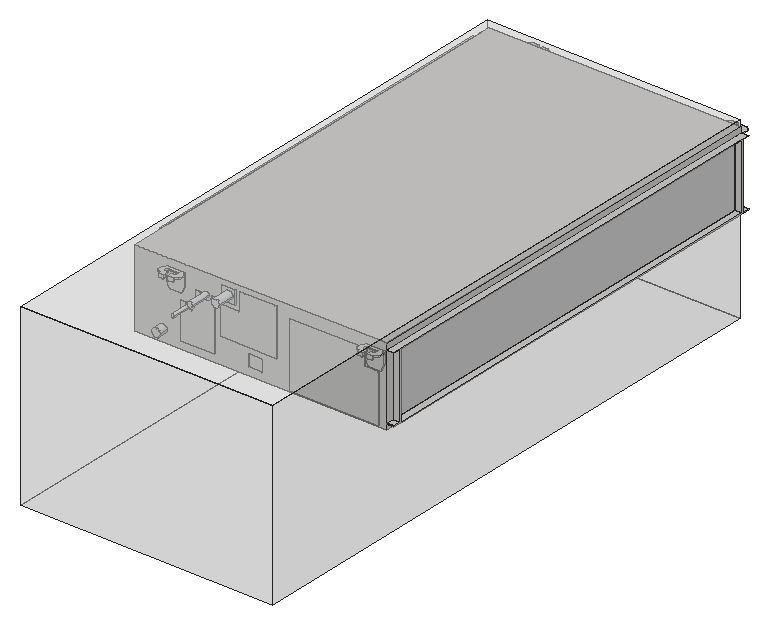
Revit family "outputfile", category 機械設備, Revit 2024
Family settings
  丸型コネクタ寸法 = 半径を使用
  パーツ タイプ = 標準
  OmniClass 番号 = 23.75.10.24.21.27.27
  OmniClass タイトル = Split System Air Conditioning Units
  作業面ベース = いいえ
  常に垂直 = はい
  ロード時にボイドで切り取り = いいえ
  注釈の向きを維持 = いいえ
  共有 = いいえ
  部屋計算ポイント = はい
Parameters (values of type "FXSQ100PAVE")
  Description = ""
  製造元 = "Daikin"
  書き出し IFC クラス(タイプ) = "IfcUnitaryEquipmentType"
  定義済み IFC タイプ(タイプ) = "AIRCONDITIONINGUNIT"
  Cost = 0
  モデル = "FXSQ100PAVE"
  Type Comments = ""
  Keynote = ""
  Type Image = (empty or 0)
  Assembly Code = ""
  r_Liquid Pipe Size = Liquid Pipe Size / 2  # 4.75 mm
  r_Gas Pipe Size = Gas Pipe Size / 2  # 7.95 mm
  r_Drain Pipe Size = Drain Pipe Size / 2  # 12.5 mm
  lw_power = 770.0 mm  # constant formula
  lh_SA = 138.0 mm  # constant formula
  lw_SA = if(Depth = 550.0 mm, 225.0 mm, if(Depth = 700.0 mm, 300.0 mm, if(Depth = 1000.0 mm, 450.0 mm, if(Depth = 1400.0 mm, 650.0 mm, 725.0 mm))))  # 650.0 mm
  lw_RA = if(Depth = 550.0 mm, 275.0 mm, if(Depth = 700.0 mm, 349.0 mm, if(Depth = 1000.0 mm, 499.0 mm, if(Depth = 1400.0 mm, 699.0 mm, 775.0 mm))))  # 699.0 mm
  lh_power = 60.0 mm + [h***]  # 60.0 mm
  lh_mountinghole1 = lh_mountinghole + [h***]  # 222.0 mm
  lh_RA = 123.0 mm  # constant formula
  ld_power = Depth / 2  # 700.0 mm
  Voltage_comment_60Hz = "220"
  Voltage_comment_50Hz = "220-240"
  Voltage_60Hz = 220 V
  Voltage_50Hz = 220 V
  URL = ""
  Supply Air Direction [instance] = yes
  Sound Power Level_H speed (dB) = 67
  Phase_60Hz = 1
  Phase_50Hz = 1
  Minimum External Static Pressure = 50.00 Pa
  Minimum Circuit Amps_60Hz = 2.5 A
  Minimum Circuit Amps_50Hz = 2.5 A
  Maximum Fuse Amps_60Hz = 16.0 A
  Maximum Fuse Amps_50Hz = 16.0 A
  Maximum External Static Pressure = 150.00 Pa
  Material_Casing = DAIKIN_GalvanizedSteel_Casing_indoorunit
  lw_mountinghole = 630.0 mm  # constant formula
  lh_gaspipe = 183.0 mm + [h***]  # 183.0 mm
  lh_mountinghole = 222.0 mm  # constant formula
  lh_liquidpipe = 136.0 mm + [h***]  # 136.0 mm
  lh_drainpipe = 207.0 mm + [h***]  # 207.0 mm
  lh_antena = Height - lh_mountinghole + 1.0 mm  # 24.0 mm
  ld_drainpipe = Depth / 2 + 53.0 mm  # 753.0 mm
  ld_liquidpipe = Depth / 2 + 69.0 mm  # 769.0 mm
  ld_gaspipe = Depth / 2 + 65.0 mm  # 765.0 mm
  ld_mountinghole = Depth + 38.0 mm  # 1438.0 mm
  h*** = 0.0 mm  # constant formula
  lw_liquidpipe = 179.0 mm  # constant formula
  lw_gaspipe = 229.0 mm  # constant formula
  lw_drainpipe = 300.0 mm  # constant formula
  Width = 800.0 mm
  Version = "ver.1.0"
  Unit Type = "Middle Static Pressure Duct Type"
  Unit Mass Weight = 46.00 kg
  Unit Designation [instance] = ""
  Uniclass2015Version = "Products v1.30"
  Uniclass2015Title = "Variable refrigerant flow units"
  Uniclass2015Code = "Pr_70_65_03_94"
  Total Heating Capacity [instance] = 0.000 kW
  Total Cooling Capacity [instance] = 0.000 kW
  Sound Pressure Level_M speed (dBA) = 0
  Sound Pressure Level_L speed (dBA) = 32
  Sound Pressure Level_H speed (dBA) = 39
  Series = "VRV Fan Coil Unit"
  Sensible Cooling Capacity [instance] = 0.000 kW
  SA Duct Size Width = if(Depth = 550.0 mm, 337.0 mm, if(Depth = 700.0 mm, 492.0 mm, if(Depth = 1000.0 mm, 792.0 mm, if(Depth = 1400.0 mm, 1192.0 mm, 1337.0 mm))))  # 1192.0 mm
  SA Duct Size Height = 176.0 mm
  Refrigerant Type = "R410A"
  RA Duct Size Width = if(Depth = 550.0 mm, 502.0 mm, if(Depth = 700.0 mm, 654.0 mm, if(Depth = 1000.0 mm, 952.0 mm, if(Depth = 1400.0 mm, 1352.0 mm, 1502.0 mm))))  # 1352.0 mm
  RA Duct Size Height = 208.0 mm
  Power Input (Heating) = 0.326 kW
  Power Input (Cooling) = 0.331 kW
  Option Accessory 3 [instance] = ""
  Option Accessory 2 [instance] = ""
  Option Accessory 1 [instance] = ""
  Nominal Heating Capacity = 12.500 kW
  Nominal Cooling Capacity = 11.200 kW
  Minimum Airflow = 1350.00 m³/h
  Median Airflow = 1620.00 m³/h
  Maximum Airflow = 1920.00 m³/h
  Load Classification = HVAC
  Liquid Pipe Size = 9.5 mm
  Link_Nested Family [instance] = ""
  IfcVersion = "0"
  IfcExportType = "AIRCONDITIONINGUNIT"
  IfcExportAs = "IfcUnitaryEquipmentType"
  Height = 245.0 mm
  Heating Entering Wet Bulb Temperature [instance] = 0.00 °C
  Heating Entering Dry Bulb Temperature [instance] = 0.00 °C
  Heating Ambient Wet Bulb Temperature [instance] = 0.00 °C
  Heating Ambient Dry Bulb Temperature [instance] = 0.00 °C
  Heat Exchanger Type = "Cross Fin Coil"
  Gas Pipe Size = 15.9 mm
  Frequency_60Hz = 60 Hz
  Frequency_50Hz = 50 Hz
  Fan Type = "Sirocco Fan"
  Fan Drive = "Direct Drive"
  FCU Tag No. [instance] = ""
  Drain Pipe Size = 25.0 mm
  Design Supply Airflow [instance] = 0.00 m³/h
  Design Return Airflow [instance] = 0.00 m³/h
  Design External Static Pressure [instance] = 0.00 Pa
  Depth = 1400.0 mm
  既定の高さ = 0.0 mm
  Cooling Entering Wet Bulb Temperature [instance] = 0.00 °C
  Cooling Entering Dry Bulb Temperature [instance] = 0.00 °C
  Cooling Ambient Wet Bulb Temperature [instance] = 0.00 °C
  Cooling Ambient Dry Bulb Temperature [instance] = 0.00 °C
  Clearance visibility [instance] = yes
  Clearance Top = 20.0 mm
  Clearance Right = 0.0 mm
  Clearance Rear = 0.0 mm
  Clearance Left = 0.0 mm
  Clearance Front = 450.0 mm
  Clearance Bottom = 300.0 mm
Reference planes
  plane 1 "Center (Front/Back)": y = 0
  plane 2 "h": z = 0
  plane 3 "Center (Left/Right)": x = 0
  plane 4 "Back": y = 700
  plane 5 "Front": y = -700
  plane 6 "Left": x = -400
  plane 7 "Reight": x = 400
  plane 8 "Top": z = 0
  plane 9 "Bottom": z = -245
  plane 10: y = -215
  plane 11: y = 700
  plane 12: y = -1150
  plane 13: x = -400
  plane 14: x = 400
  plane 15: z = 20
  plane 16: z = -545
  plane 17: x = -400
  plane 18: x = -399
  plane 19: x = 399
  plane 20: y = 50
  plane 21: y = -1
  plane 22: z = -122
  plane 23: y = -701
  plane 24: z = -109
  plane 25: x = -221
  plane 26: y = -765
  plane 27: z = -62
  plane 28: x = -171
  plane 29: y = -753
  plane 30: z = -38
  plane 31: x = -100
  plane 32: x = -100
  plane 33: x = -221
  plane 34: x = -171
  plane 35: x = 370
  plane 36: x = -266
  plane 37: x = 364
  plane 38: y = -719
  plane 39: y = 719
  plane 40: z = -23
  plane 41: z = -107
  plane 42: y = -770
  plane 43: z = -207
  plane 44: x = -309
  plane 45: y = -726
  plane 46: x = -251
  plane 47: x = -203
  plane 48: x = -144
  plane 49: z = -59
  plane 50: z = -106
  plane 51: z = -221
  plane 52: z = -109
  plane 53: x = -221
  plane 54: z = -62
  plane 55: x = -171
  plane 56: z = -17
  plane 57: z = -59
  plane 58: x = -121
  plane 59: x = -79
  plane 60: x = -125
  plane 61: x = -64
  plane 62: x = 53
  plane 63: z = -164
  plane 64: z = -73
  plane 65: z = -16
  plane 66: x = 93.5
  plane 67: x = 374.5
  plane 68: x = 330
  plane 69: z = -88.5
  plane 70: z = -38
  plane 71: z = -242.5
  plane 72: x = -38.5
  plane 73: x = 6.5
  plane 74: z = -181
  plane 75: z = -221
  plane 76: y = -699
  plane 77: x = -424
  plane 78: x = 424
Forms (mm)
  Extrusion 1, solid, material "DAIKIN_GalvanizedSteel_Casing_indoorunit" <- "Material_Casing"
    sketch origin (0, 0, 0) x (1, 0, 0) y (0, 1, 0)
      loop
        line (-399, 700) -> (-399, -700) -> (399, -700) -> (399, 700) -> (-399, 700)
    from -245 to 0
  Extrusion 2, solid, material "DAIKIN_GalvanizedSteel_Casing_indoorunit" <- "Material_Casing"
    sketch origin (0, 0, 0) x (1, 0, 0) y (0, 0, 1)
      loop
        line (-251, -221) -> (-144, -221) -> (-144, -59) -> (-154.47, -59)
        arc (-154.47, -59) -> (-171, -78.8) -> (-187.53, -59) r 16.8
        line (-187.53, -59) -> (-203, -59) -> (-203, -106) -> (-206.916, -106)
        arc (-206.916, -106) -> (-221, -123.4) -> (-235.084, -106) r 14.4
        line (-235.084, -106) -> (-251, -106) -> (-251, -221)
    from 700 to 701
  Extrusion 3, solid, material "DAIKIN_GalvanizedSteel_Casing_indoorunit" <- "Material_Casing"
    sketch origin (0, 0, 0) x (1, 0, 0) y (0, 0, 1)
      loop
        line (-121, -17) -> (-121, -59) -> (-79, -59) -> (-79, -17) -> (-121, -17)
      loop
        line (-125, -73) -> (-125, -164) -> (53, -164) -> (53, -16) -> (-64, -16) -> (-64, -73) -> (-125, -73)
    from 700 to 701
  Extrusion 4, solid, material "DAIKIN_GalvanizedSteel_Casing_indoorunit" <- "Material_Casing"
    sketch origin (0, 0, 0) x (1, 0, 0) y (0, 0, 1)
      loop
        line (93.5, -38) -> (93.5, -242.5) -> (374.5, -242.5) -> (374.5, -88.5) -> (330, -88.5) -> (330, -38) -> (93.5, -38)
    from 700 to 701
  Extrusion 5, solid
    sketch origin (0, 0, 0) x (1, 0, 0) y (0, 0, 1)
      loop
        circle (-221, -109) r 4.75
    from 700 to 770
  Extrusion 6, solid
    sketch origin (0, 0, 0) x (1, 0, 0) y (0, 0, 1)
      loop
        circle (-171, -62) r 7.95
    from 700 to 765
  Extrusion 7, solid
    sketch origin (0, 0, 0) x (1, 0, 0) y (0, 0, 1)
      loop
        circle (-100, -38) r 12.5
    from 701 to 753
  Extrusion 8, solid, material "DAIKIN_GalvanizedSteel_Casing_indoorunit" <- "Material_Casing"
    sketch origin (0, 0, 0) x (1, 0, 0) y (0, 0, 1)
      loop
        circle (-309, -207) r 13
    from 700 to 726
  Extrusion 9, void
    sketch origin (0, 0, 0) x (1, 0, 0) y (0, 0, 1)
      loop
        line (-38.5, -181) -> (-38.5, -221) -> (6.5, -221) -> (6.5, -181) -> (-38.5, -181)
    from 699 to 700
Cuts and joins
  Extrusion 9 cuts Extrusion 1
Dimensions and locks
  "Height": plane 8 "Top" to plane 9 "Bottom"
  equal spacing: plane 4 "Back", plane 1 "Center (Front/Back)", plane 5 "Front"
  "Depth": plane 4 "Back" to plane 5 "Front"
  equal spacing: plane 6 "Left", plane 3 "Center (Left/Right)", plane 7 "Reight"
  "Width": plane 6 "Left" to plane 7 "Reight"
  "Clearance Left": plane 13 to plane 6 "Left"
  "Clearance Right": plane 7 "Reight" to plane 14
  "Clearance Rear": plane 11 to plane 4 "Back"
  "Clearance Front": plane 5 "Front" to plane 12
  "Clearance Top": plane 15 to plane 8 "Top"
  "Clearance Bottom": plane 9 "Bottom" to plane 16
  locked: plane 17 to plane 18 at 1
  locked: plane 19 to plane 14 at 1
  "lw_SA": plane 11 to plane 20
  "lw_RA": plane 21 to plane 5 "Front"
  "lh_RA": plane 22 to plane 9 "Bottom"
  locked: plane 5 "Front" to plane 23 at 1
  "lw_liquidpipe": plane 25 to plane 6 "Left"
  "lh_liquidpipe": plane 24 to plane 9 "Bottom"
  "lh_gaspipe": plane 27 to plane 9 "Bottom"
  "lw_gaspipe": plane 28 to plane 6 "Left"
  "ld_gaspipe": plane 26 to plane 1 "Center (Front/Back)"
  "ld_drainpipe": plane 29 to plane 1 "Center (Front/Back)"
  "lh_drainpipe": plane 30 to plane 9 "Bottom"
  "lw_drainpipe": plane 31 to plane 6 "Left"
  "lw_drainpipe": plane 6 "Left" to plane 32
  "lw_liquidpipe": plane 6 "Left" to plane 33
  "lw_gaspipe": plane 6 "Left" to plane 34
  "lw_power": plane 6 "Left" to plane 35
  locked: plane 17 to plane 36 at 134
  "lw_mountinghole": plane 36 to plane 37
  equal spacing: plane 38, plane 1 "Center (Front/Back)", plane 39
  "ld_mountinghole": plane 39 to plane 38
  "lh_mountinghole": plane 40 to plane 9 "Bottom"
  "lh_SA": plane 41 to plane 9 "Bottom"
  "ld_liquidpipe": plane 21 to plane 42
  locked: plane 44 to plane 6 "Left" at 91
  locked: plane 43 to plane 9 "Bottom" at 38
  locked: plane 5 "Front" to plane 45 at 26
  plane 48 to plane 47 to plane 46 to plane 6 "Left" = 59.0 mm, 48.0 mm, 149.0 mm
  plane 8 "Top" to plane 49 to plane 50 to plane 51 = 59.0 mm locked, 47.0 mm locked, 115.0 mm locked
  plane 55 to plane 53 to plane 6 "Left" = 50.0 mm locked, 179.0 mm locked
  plane 54 to plane 52 to plane 9 "Bottom" = 47.0 mm locked, 136.0 mm locked
  plane 59 to plane 58 to plane 6 "Left" = 42.0 mm locked, 279.0 mm locked
  plane 8 "Top" to plane 56 to plane 57 = 17.0 mm locked, 42.0 mm locked
  plane 62 to plane 61 to plane 60 to plane 6 "Left" = 117.0 mm, 61.0 mm, 275.0 mm
  plane 8 "Top" to plane 65 to plane 64 = 16.0 mm locked, 57.0 mm locked
  locked: plane 65 to plane 63 at 148
  plane 8 "Top" to plane 70 to plane 69 to plane 71 = 38.0 mm locked, 50.5 mm locked, 154.0 mm locked
  plane 67 to plane 68 to plane 66 to plane 6 "Left" = 44.5 mm locked, 236.5 mm locked, 493.5 mm locked
  plane 8 "Top" to plane 74 to plane 75 = 181.0 mm locked, 40.0 mm locked
  plane 73 to plane 72 to plane 6 "Left" = 45.0 mm, 361.5 mm
  locked: plane 76 to plane 5 "Front" at 1
  locked: plane 77 to plane 17 at 24
  locked: plane 14 to plane 78 at 24
  "r_Liquid Pipe Size": radius of Extrusion 5 sketch curve
  "r_Gas Pipe Size": radius of Extrusion 6 sketch curve
  "r_Drain Pipe Size": radius of Extrusion 7 sketch curve
  aligned and locked: level to plane 2 "h"
  aligned and locked: plane 8 "Top" to Extrusion 1
  aligned and locked: Extrusion 1 to plane 9 "Bottom"
  aligned and locked: nested 5 to plane 12
  aligned and locked: plane 13 to nested 5
  aligned and locked: plane 14 to nested 5
  aligned and locked: nested 5 to plane 13
  aligned and locked: plane 11 to nested 5
  aligned and locked: plane 15 to nested 5
  aligned and locked: plane 16 to nested 5
  aligned and locked: plane 5 "Front" to Extrusion 1 sketch curve
  aligned and locked: Extrusion 1 to plane 18
  aligned and locked: plane 19 to Extrusion 1
  aligned and locked: nested 7 to plane 18
  aligned and locked: nested 7 to plane 20
  aligned and locked: plane 19 to nested 8
  aligned and locked: plane 21 to nested 8
  aligned and locked: plane 22 to nested 8
  aligned and locked: Extrusion 2 to plane 23
  aligned and locked: plane 5 "Front" to Extrusion 2
  aligned and locked: Extrusion 3 to plane 23
  aligned and locked: plane 5 "Front" to Extrusion 3
  aligned and locked: plane 5 "Front" to Extrusion 4
  aligned and locked: Extrusion 5 sketch curve to plane 25
  aligned and locked: plane 24 to Extrusion 5 sketch curve
  aligned and locked: plane 5 "Front" to Extrusion 5
  aligned and locked: Extrusion 6 sketch curve to plane 28
  aligned and locked: plane 27 to Extrusion 6 sketch curve
  aligned and locked: plane 5 "Front" to Extrusion 6
  aligned and locked: Extrusion 7 sketch curve to plane 31
  aligned and locked: Extrusion 7 sketch curve to plane 30
  aligned and locked: Extrusion 7 to plane 29
  aligned and locked: plane 23 to Extrusion 7
  aligned and locked: nested 3 to plane 29
  aligned and locked: nested 3 to plane 32
  aligned and locked: nested 2 to plane 33
  aligned and locked: nested 1 to plane 34
  aligned and locked: Extrusion 6 to plane 26
  aligned and locked: nested 1 to plane 26
  aligned and locked: nested 6 to plane 5 "Front"
  aligned and locked: nested 6 to plane 35
  aligned and locked: plane 36 to nested 10
  aligned and locked: nested 10 to plane 5 "Front"
  aligned and locked: plane 37 to nested 9
  aligned and locked: nested 9 to plane 5 "Front"
  aligned and locked: nested 11 to plane 36
  aligned and locked: plane 4 "Back" to nested 11
  aligned and locked: nested 12 to plane 37
  aligned and locked: plane 4 "Back" to nested 12
  aligned and locked: plane 40 to nested 10
  aligned and locked: plane 40 to nested 11
  aligned and locked: plane 40 to nested 9
  aligned and locked: plane 40 to nested 12
  aligned and locked: plane 36 to nested 14
  aligned and locked: nested 14 to plane 39
  aligned and locked: plane 37 to nested 13
  aligned and locked: nested 13 to plane 39
  aligned and locked: plane 37 to nested 16
  aligned and locked: plane 38 to nested 16
  aligned and locked: plane 38 to nested 15
  aligned and locked: plane 36 to nested 15
  aligned and locked: plane 17 to plane 6 "Left"
  aligned and locked: plane 41 to nested 7
  aligned and locked: Extrusion 5 to plane 42
  aligned and locked: nested 2 to plane 42
  aligned and locked: Extrusion 8 sketch curve to plane 44
  aligned and locked: plane 43 to Extrusion 8 sketch curve
  aligned and locked: plane 5 "Front" to Extrusion 8
  aligned and locked: plane 45 to Extrusion 8
  aligned and locked: Extrusion 3 sketch curve to plane 56
  aligned and locked: Extrusion 3 sketch curve to plane 58
  aligned and locked: plane 57 to Extrusion 3 sketch curve
  aligned and locked: plane 59 to Extrusion 3 sketch curve
  aligned and locked: Extrusion 4 to plane 23
  aligned and locked: Extrusion 9 sketch curve to plane 74
  aligned and locked: plane 75 to Extrusion 9 sketch curve
  aligned and locked: plane 73 to Extrusion 9 sketch curve
  aligned and locked: plane 5 "Front" to Extrusion 9
  aligned and locked: plane 76 to Extrusion 9
  aligned and locked: nested 17 to plane 20
  aligned and locked: nested 17 to plane 77
  aligned and locked: plane 21 to nested 18
  aligned and locked: plane 78 to nested 18
  aligned and locked: plane 41 to nested 17
  aligned and locked: nested 18 to plane 22
  aligned and locked: nested 4 to plane 3 "Center (Left/Right)"
  aligned and locked: plane 1 "Center (Front/Back)" to nested 4
  aligned and locked: level to plane 8 "Top"
Automatic sketch dimensions
  plane 6 "Left" to Extrusion 1 sketch curve = 1.0 mm
  Extrusion 1 sketch curve to plane 7 "Reight" = 1.0 mm
  Extrusion 1 sketch curve to plane 4 "Back" = 0.0 mm
  Extrusion 2 sketch curve to plane 46 = 0.0 mm
  Extrusion 2 sketch curve to plane 33 = 0.0 mm
  Extrusion 2 sketch curve to plane 47 = 0.0 mm
  Extrusion 2 sketch curve to plane 34 = 0.0 mm
  Extrusion 2 sketch curve to plane 48 = 0.0 mm
  Extrusion 2 sketch curve to plane 51 = 0.0 mm
  Extrusion 2 sketch curve to plane 52 = 0.0 mm
  Extrusion 2 sketch curve to plane 50 = 0.0 mm  (x3)
  Extrusion 2 sketch curve to plane 54 = 0.0 mm
  Extrusion 2 sketch curve to plane 49 = 0.0 mm  (x3)
  plane 33 to Extrusion 2 sketch curve = 14.084 mm
  plane 34 to Extrusion 2 sketch curve = 16.53 mm
  Extrusion 3 sketch curve to plane 60 = 0.0 mm
  Extrusion 3 sketch curve to plane 61 = 0.0 mm
  Extrusion 3 sketch curve to plane 62 = 0.0 mm
  Extrusion 3 sketch curve to plane 63 = 0.0 mm
  Extrusion 3 sketch curve to plane 64 = 0.0 mm
  Extrusion 3 sketch curve to plane 65 = 0.0 mm
  Extrusion 4 sketch curve to plane 66 = 0.0 mm
  Extrusion 4 sketch curve to plane 68 = 0.0 mm
  Extrusion 4 sketch curve to plane 67 = 0.0 mm
  Extrusion 4 sketch curve to plane 71 = 0.0 mm
  Extrusion 4 sketch curve to plane 69 = 0.0 mm
  Extrusion 4 sketch curve to plane 70 = 0.0 mm
  Extrusion 9 sketch curve to plane 72 = 0.0 mm
  radius of Extrusion 8 sketch curve = 13.0 mm
Nested families
  nested 1: "daikin_connector_rotate2" at (-171, 0, -62), length <- "ld_gaspipe", built-in parameter 1001364 <- "lh_gaspipe", radius <- "r_Gas Pipe Size", type "daikin_connector_rotate2"
    with radius 7.95 mm, length 765.0 mm, angle_vertical 90.00°
  nested 2: "daikin_connector_rotate2" at (-221, -1, -109), length <- "ld_liquidpipe", built-in parameter 1001364 <- "lh_liquidpipe", radius <- "r_Liquid Pipe Size", type "daikin_connector_rotate2"
    with radius 4.75 mm, length 769.0 mm, angle_vertical 90.00°
  nested 3: "daikin_connector_rotate2" at (-100, 0, -38), length <- "ld_drainpipe", built-in parameter 1001364 <- "lh_drainpipe", radius <- "r_Drain Pipe Size", type "daikin_connector_rotate2"
    with radius 12.5 mm, length 753.0 mm, angle_vertical 90.00°
  nested 4: "daikin_△_symbolicline" at (0, 0, 245) x (0, -1, 0) z (0, 0, 1), built-in parameter 1001364 <- "Height", visible <- "Supply Air Direction", type "daikin_△_symbolicline"
    with length 200.0 mm
  nested 5: "daikin_clearancespace" at (0, -225, -262.381), visible <- "Clearance visibility", show <- "Clearance visibility", Link_Nested Family <- "Link_Nested Family", type "daikin_clearancespace"
    with width 800.0 mm, show yes, height 565.0 mm, depth 1850.0 mm, Link_Nested Family ""
  nested 6: "daikin_connector_rotate2" at (370, 0, -185), built-in parameter 1001364 <- "lh_power", length <- "ld_power", type "daikin_connector_rotate2"
    with radius 10.0 mm, length 700.0 mm, angle_vertical 90.00°
  nested 7: "daikin_ductflange_FXSQ-PAVE2" at (-399, 50, -107) x (0, -1, 0) z (0, 0, 1), type "daikin_ductflange_FXSQ-PAVE2"
    with width 1192.0 mm, w 1400.0 mm
  nested 8: "daikin_ductflange_FXSQ-PAVE" at (399, -1, -122) x (0, 1, 0) z (0, 0, 1), type "daikin_ductflange_FXSQ-PAVE"
    with width 1352.0 mm, w 1400.0 mm
  nested 9: "daikin_hangerfixture_FXSQ-PAVE" at (364, -700, -23), type "daikin_hangerfixture_FXSQ-PAVE"
  nested 10: "daikin_hangerfixture_FXSQ-PAVE" at (-266, -700, -23), type "daikin_hangerfixture_FXSQ-PAVE"
  nested 11: "daikin_hangerfixture_FXSQ-PAVE" at (-266, 700, -23) x (-1, 0, 0) z (0, 0, 1), type "daikin_hangerfixture_FXSQ-PAVE"
  nested 12: "daikin_hangerfixture_FXSQ-PAVE" at (364, 700, -23) x (-1, 0, 0) z (0, 0, 1), type "daikin_hangerfixture_FXSQ-PAVE"
  nested 13: "daikin_mountinghole" at (364, 719, -245), h_mountinghole <- "lh_mountinghole1", l_antenna <- "lh_antena", Link_Nested Family <- "Link_Nested Family", type "daikin_mountinghole"
    with show yes, l_antenna 24.0 mm, h_mountinghole 222.0 mm, Link_Nested Family ""
  nested 14: "daikin_mountinghole" at (-266, 719, -245), h_mountinghole <- "lh_mountinghole1", l_antenna <- "lh_antena", Link_Nested Family <- "Link_Nested Family", type "daikin_mountinghole"
    with show yes, l_antenna 24.0 mm, h_mountinghole 222.0 mm, Link_Nested Family ""
  nested 15: "daikin_mountinghole" at (-266, -719, -245), h_mountinghole <- "lh_mountinghole1", l_antenna <- "lh_antena", Link_Nested Family <- "Link_Nested Family", type "daikin_mountinghole"
    with show yes, l_antenna 24.0 mm, h_mountinghole 222.0 mm, Link_Nested Family ""
  nested 16: "daikin_mountinghole" at (364, -719, -245), h_mountinghole <- "lh_mountinghole1", l_antenna <- "lh_antena", Link_Nested Family <- "Link_Nested Family", type "daikin_mountinghole"
    with show yes, l_antenna 24.0 mm, h_mountinghole 222.0 mm, Link_Nested Family ""
  nested 17: "daikin_connector_rotate2" at (-400, 50, -107) x (0, -1, 0) z (0, 0, 1), type "daikin_connector_rotate2"
    with radius 10.0 mm, length 24.0 mm, angle_vertical 90.00°
  nested 18: "daikin_connector_rotate2" at (400, -1, -122) x (0, 1, 0) z (0, 0, 1), type "daikin_connector_rotate2"
    with radius 10.0 mm, length 24.0 mm, angle_vertical 90.00°
Connectors
  piping at (-100, -753, -38), diameter 25, driven by "r_Drain Pipe Size"
    settings: on nested 3, index 3, connector inside diameter 609.6 mm, connector length 0.0 mm, flow factor 0, pipe flow 0.00 m³/h, pressure drop 0.0 Pa, fitting loss kfactor 0, connector angle 0.00°, fixture units 0, engagement length 0.0 mm, angle of deflection 0.00°, flow configuration 1, flow direction 2, fitting loss method 4, system type 16, joint type 0, gender type 0, connector reference index -1, connector utility 0, adjustable connector no, is connector primary yes, connector description "Condensate Drain Piping"
  piping at (-171, -765, -62), diameter 15.9, driven by "r_Gas Pipe Size"
    settings: on nested 1, index 4, connector inside diameter 609.6 mm, connector length 0.0 mm, flow factor 0, pipe flow 0.00 m³/h, pressure drop 0.0 Pa, fitting loss kfactor 0, connector angle 0.00°, fixture units 0, engagement length 0.0 mm, angle of deflection 0.00°, flow configuration 1, flow direction 2, fitting loss method 0, system type 29, joint type 0, gender type 0, connector reference index -1, connector utility 0, adjustable connector no, is connector primary no, connector description "Refrigerant Gas Piping"
  piping at (-221, -770, -109), diameter 9.5, driven by "r_Liquid Pipe Size"
    settings: on nested 2, index 5, connector inside diameter 609.6 mm, connector length 0.0 mm, flow factor 0, pipe flow 0.00 m³/h, pressure drop 0.0 Pa, fitting loss kfactor 0, connector angle 0.00°, fixture units 0, engagement length 0.0 mm, angle of deflection 0.00°, flow configuration 1, flow direction 1, fitting loss method 0, system type 29, joint type 0, gender type 0, connector reference index -1, connector utility 0, adjustable connector no, is connector primary no, connector description "Refrigerant Liquid Piping"
  electrical at (370, -700, -185), driven by "Load Classification"
    settings: on nested 6, index 6, voltage 0 V, apparent load 0 VA, apparent load phase1 0 VA, apparent load phase2 0 VA, apparent load phase3 0 VA, power factor 1, load classification "HVAC", number of poles 1, system type 30, power factor state 1, is connector primary yes, connector utility no, sub classification motor no, connector description "Power Supply"
  hvac at (-424, 50, -107), driven by "SA Duct Size Height", driven by "SA Duct Size Width"
    settings: on nested 17, index 7, duct flow 0.00 m³/h, flow factor 0, pres drop 0.00 Pa, loss coef 0, conn angle 0.00°, conn width 1192.0 mm, conn height 176.0 mm, conn diameter 609.6 mm, duct sys type 1, conn prof type 1, flow config 0, flow direction 2, loss method 4, conn ref index -1, conn util no, is conn primary yes, conn desc "SA Duct"
  hvac at (424, -1, -122), driven by "RA Duct Size Height", driven by "RA Duct Size Width"
    settings: on nested 18, index 8, duct flow 0.00 m³/h, flow factor 0, pres drop 0.00 Pa, loss coef 0, conn angle 0.00°, conn width 1352.0 mm, conn height 208.0 mm, conn diameter 609.6 mm, duct sys type 2, conn prof type 1, flow config 0, flow direction 1, loss method 4, conn ref index -1, conn util no, is conn primary no, conn desc "RA Duct"
Definition of nested family "daikin_clearancespace"
  Parameters (values of type "daikin_clearancespace")
    width [instance] = 1823.963 mm
    show [instance] = yes
    material = none
    height [instance] = 1359.762 mm
    depth [instance] = 880.0 mm
    Default Elevation = 0.0 mm
    Link_Nested Family [instance] = ""
  Reference planes
    plane 1 "Center (Front/Back)": y = 0
    plane 2 "Center (Elevation)": z = -0.119
    plane 3 "Center (Left/Right)": x = 0
    plane 4: y = 440
    plane 5: y = -440
    plane 6 "Right": x = 911.982
    plane 7 "Left": x = -911.982
    plane 8 "Top": z = 679.762
    plane 9 "Bottom": z = -680
  Forms (mm)
    Extrusion 1, solid, material <- "material", visible <- "show"
      sketch origin (0, 0, 0) x (1, 0, 0) y (0, 1, 0)
        loop
          line (-911.982, 440) -> (-911.982, -440) -> (911.982, -440) -> (911.982, 440) -> (-911.982, 440)
      from -680 to 679.762
  Lines and regions (mm)
    symbolic lines, visible <- "show"
      curve 1: line (911.982, 440, 0) -> (-911.982, 440, 0)
      curve 2: line (-911.982, 440, 0) -> (-911.982, -440, 0)
      curve 3: line (-911.982, -440, 0) -> (911.982, -440, 0)
      curve 4: line (911.982, -440, 0) -> (911.982, 440, 0)
      curve 5: line (911.982, 0, 679.762) -> (-911.982, 0, 679.762)
      curve 6: line (911.982, 0, -680) -> (911.982, 0, 679.762)
      curve 7: line (-911.982, 0, -680) -> (911.982, 0, -680)
      curve 8: line (-911.982, 0, 679.762) -> (-911.982, 0, -680)
      curve 9: line (0, 440, 679.762) -> (0, -440, 679.762)
      curve 10: line (0, -440, 679.762) -> (0, -440, -680)
      curve 11: line (0, 440, -680) -> (0, 440, 679.762)
      curve 12: line (0, -440, -680) -> (0, 440, -680)
  Dimensions and locks
    "width": plane 7 "Left" to plane 6 "Right"
    "depth": plane 4 to plane 5
    "height": plane 8 "Top" to plane 9 "Bottom"
    equal spacing: plane 7 "Left", plane 3 "Center (Left/Right)", plane 6 "Right"
    equal spacing: plane 4, plane 1 "Center (Front/Back)", plane 5
    equal spacing: plane 8 "Top", plane 2 "Center (Elevation)", plane 9 "Bottom"
    aligned and locked: level to plane 2 "Center (Elevation)"
    aligned and locked: Extrusion 1 sketch curve to plane 4
    aligned and locked: plane 7 "Left" to Extrusion 1 sketch curve
    aligned and locked: Extrusion 1 sketch curve to plane 5
    aligned and locked: Extrusion 1 sketch curve to plane 6 "Right"
    aligned and locked: plane 8 "Top" to Extrusion 1
    aligned and locked: curve 1 to Extrusion 1
    aligned and locked: curve 2 to Extrusion 1
    aligned and locked: curve 3 to Extrusion 1
    aligned and locked: curve 4 to Extrusion 1
    aligned and locked: curve 5 to Extrusion 1
    aligned and locked: curve 6 to Extrusion 1
    aligned and locked: curve 7 to Extrusion 1
    aligned and locked: curve 8 to Extrusion 1
    aligned and locked: curve 9 to Extrusion 1
    aligned and locked: curve 10 to Extrusion 1
    aligned and locked: curve 11 to Extrusion 1
    aligned and locked: curve 12 to Extrusion 1
    aligned and locked: Extrusion 1 to plane 9 "Bottom"
Definition of nested family "daikin_ductflange_FXSQ-PAVE2"
  Parameters (values of type "daikin_ductflange_FXMQ-PAVE2")
    width = if(w = 550.0 mm, 337.0 mm, if(w = 700.0 mm, 492.0 mm, if(w = 1000.0 mm, 792.0 mm, if(w = 1400.0 mm, 1192.0 mm, 1337.0 mm))))  # 337.0 mm
    material = none
    height = 215.0 mm
    depth = 1.0 mm
    w = 550.0 mm
    Default Elevation = 0.0 mm
  Reference planes
    plane 1 "Center (Front/Back)": y = 0
    plane 2: z = 0
    plane 3 "Center (Left/Right)": x = 0
    plane 4: z = 88
    plane 5: z = -88
    plane 6: y = -25
    plane 7: z = 106
    plane 8: z = 89
    plane 9: y = -1
    plane 10: x = -192.5
    plane 11: x = 192.5
    plane 12: z = -106
    plane 13: z = -89
    plane 14: y = -1
    plane 15: x = 168.5
    plane 16: x = -168.5
    plane 17: x = 169.5
    plane 18: z = 87
    plane 19: z = -87
    plane 20: x = -169.5
    plane 21: z = 87
    plane 22: z = -87
    plane 23: y = -1
  Forms (mm)
    Extrusion 1, solid, material <- "material"
      sketch origin (0, 0, 0) x (0, 1, 0) y (0, 0, 1)
        loop
          line (-25, 88) -> (0, 88) -> (0, 106) -> (-1, 106) -> (-1, 89) -> (-25, 89) -> (-25, 88)
      from -192.5 to 192.5
    Extrusion 2, solid, material <- "material"
      sketch origin (0, 0, 0) x (0, 1, 0) y (0, 0, 1)
        loop
          line (-25, -88) -> (-25, -89) -> (-1, -89) -> (-1, -106) -> (0, -106) -> (0, -88) -> (-25, -88)
      from -192.5 to 192.5
    Extrusion 3, solid, material <- "material"
      sketch origin (0, 0, 0) x (1, 0, 0) y (0, 0, 1)
        loop
          line (168.5, 88) -> (168.5, -88) -> (192.5, -88) -> (192.5, -87) -> (169.5, -87) -> (169.5, 87) -> (192.5, 87) -> (192.5, 88) -> (168.5, 88)
      from 0 to 25
    Extrusion 4, solid, material <- "material"
      sketch origin (0, 0, 0) x (1, 0, 0) y (0, 0, 1)
        loop
          line (-192.5, 88) -> (-192.5, 87) -> (-169.5, 87) -> (-169.5, -87) -> (-192.5, -87) -> (-192.5, -88) -> (-168.5, -88) -> (-168.5, 88) -> (-192.5, 88)
      from 0 to 25
    Extrusion 5, solid, material <- "material"
      sketch origin (0, 0, 0) x (1, 0, 0) y (0, 0, 1)
        loop
          line (-192.5, 88) -> (-192.5, -88) -> (-168.5, -88) -> (-168.5, 88) -> (-192.5, 88)
        loop
          line (192.5, 88) -> (168.5, 88) -> (168.5, -88) -> (192.5, -88) -> (192.5, 88)
      from 0 to 1
  Cuts and joins
    joined: Extrusion 1, Extrusion 2, Extrusion 3, Extrusion 4, Extrusion 5
  Dimensions and locks
    plane 4 to level to plane 5 = 88.0 mm, 88.0 mm
    locked: plane 6 to plane 1 "Center (Front/Back)" at 25
    locked: plane 9 to plane 1 "Center (Front/Back)" at 1
    locked: plane 8 to plane 4 at 1
    locked: plane 16 to plane 10 at 24
    locked: plane 17 to plane 15 at 1
    locked: plane 4 to plane 18 at 1
    locked: plane 19 to plane 5 at 1
    "width": plane 15 to plane 16
    plane 4 to plane 5 = 176.0 mm
    locked: plane 16 to plane 20 at 1
    locked: plane 4 to plane 21 at 1
    locked: plane 22 to plane 5 at 1
    locked: plane 23 to plane 1 "Center (Front/Back)" at 1
    plane 4 to level to plane 5 = 88.0 mm locked, 88.0 mm locked
    locked: plane 5 to plane 13 at 1
    locked: plane 5 to plane 12 at 18
    locked: plane 7 to plane 4 at 18
    equal spacing: plane 15, plane 3 "Center (Left/Right)", plane 16
    locked: plane 11 to plane 15 at 24
    plane 11 to plane 10 = 385.0 mm
    aligned and locked: level to plane 2
    aligned and locked: Extrusion 1 to plane 10
    aligned and locked: plane 11 to Extrusion 1
    aligned and locked: plane 5 to Extrusion 2
    aligned and locked: Extrusion 2 to plane 1 "Center (Front/Back)"
    aligned and locked: plane 15 to Extrusion 3 sketch curve
    aligned and locked: Extrusion 3 sketch curve to Extrusion 2  (x2)
    aligned and locked: Extrusion 3 sketch curve to plane 11
    aligned and locked: plane 6 to Extrusion 3
    aligned and locked: Extrusion 2 to plane 10
    aligned and locked: plane 11 to Extrusion 2
    aligned and locked: Extrusion 4 sketch curve to Extrusion 1  (x2)
    aligned and locked: plane 5 to Extrusion 4 sketch curve
    aligned and locked: Extrusion 4 sketch curve to plane 16
    aligned and locked: Extrusion 4 sketch curve to plane 22
    aligned and locked: plane 20 to Extrusion 4 sketch curve
    aligned and locked: plane 21 to Extrusion 4 sketch curve
    aligned and locked: Extrusion 4 to plane 1 "Center (Front/Back)"
    aligned and locked: plane 6 to Extrusion 4
    aligned and locked: Extrusion 5 sketch curve to Extrusion 1  (x4)
    aligned and locked: Extrusion 5 sketch curve to Extrusion 4  (x2)
    aligned and locked: Extrusion 5 sketch curve to Extrusion 3  (x2)
    aligned and locked: Extrusion 5 to plane 1 "Center (Front/Back)"
    aligned and locked: plane 23 to Extrusion 5
  Automatic sketch dimensions
    Extrusion 1 sketch curve to plane 6 = 0.0 mm
    Extrusion 1 sketch curve to plane 7 = 0.0 mm
    Extrusion 1 sketch curve to plane 9 = 0.0 mm
    Extrusion 1 sketch curve to plane 1 "Center (Front/Back)" = 0.0 mm
    Extrusion 1 sketch curve to plane 4 = 0.0 mm
    Extrusion 1 sketch curve to plane 8 = 0.0 mm
    Extrusion 2 sketch curve to plane 6 = 0.0 mm
    plane 12 to Extrusion 2 sketch curve = 0.0 mm
    Extrusion 2 sketch curve to plane 14 = 0.0 mm
    Extrusion 2 sketch curve to plane 1 "Center (Front/Back)" = 0.0 mm
    plane 13 to Extrusion 2 sketch curve = 0.0 mm
    Extrusion 2 sketch curve to plane 5 = 0.0 mm
    Extrusion 3 sketch curve to plane 17 = 0.0 mm
    Extrusion 3 sketch curve to plane 19 = 0.0 mm
    Extrusion 3 sketch curve to plane 18 = 0.0 mm
    Extrusion 3 sketch curve to plane 4 = 0.0 mm
    Extrusion 4 sketch curve to plane 10 = 0.0 mm
Definition of nested family "daikin_ductflange_FXSQ-PAVE"
  Parameters (values of type "daikin_ductflange_FXMQ-PAVE")
    width = if(w = 550.0 mm, 502.0 mm, if(w = 700.0 mm, 654.0 mm, if(w = 1000.0 mm, 952.0 mm, if(w = 1400.0 mm, 1352.0 mm, 1502.0 mm))))  # 502.0 mm
    material = none
    height = 208.0 mm
    depth = 1.0 mm
    w = 550.0 mm
    Default Elevation = 0.0 mm
  Reference planes
    plane 1 "Center (Front/Back)": y = 0
    plane 2: z = 0
    plane 3 "Center (Left/Right)": x = 0
    plane 4: z = 104
    plane 5: z = -104
    plane 6: y = -25
    plane 7: z = 121
    plane 8: z = 105
    plane 9: y = -1
    plane 10: x = -275
    plane 11: x = 275
    plane 12: z = -122
    plane 13: z = -105
    plane 14: y = -1
    plane 15: x = 251
    plane 16: x = -251
    plane 17: x = 252
    plane 18: z = 103
    plane 19: z = -103
    plane 20: x = -252
    plane 21: z = 103
    plane 22: z = -103
    plane 23: y = -1
  Forms (mm)
    Extrusion 1, solid, material <- "material"
      sketch origin (0, 0, 0) x (0, 1, 0) y (0, 0, 1)
        loop
          line (-25, 104) -> (0, 104) -> (0, 121) -> (-1, 121) -> (-1, 105) -> (-25, 105) -> (-25, 104)
      from -275 to 275
    Extrusion 2, solid, material <- "material"
      sketch origin (0, 0, 0) x (0, 1, 0) y (0, 0, 1)
        loop
          line (-25, -104) -> (-25, -105) -> (-1, -105) -> (-1, -122) -> (0, -122) -> (0, -104) -> (-25, -104)
      from -275 to 275
    Extrusion 3, solid, material <- "material"
      sketch origin (0, 0, 0) x (1, 0, 0) y (0, 0, 1)
        loop
          line (251, 104) -> (251, -104) -> (275, -104) -> (275, -103) -> (252, -103) -> (252, 103) -> (275, 103) -> (275, 104) -> (251, 104)
      from 0 to 25
    Extrusion 4, solid, material <- "material"
      sketch origin (0, 0, 0) x (1, 0, 0) y (0, 0, 1)
        loop
          line (-275, 104) -> (-275, 103) -> (-252, 103) -> (-252, -103) -> (-275, -103) -> (-275, -104) -> (-251, -104) -> (-251, 104) -> (-275, 104)
      from 0 to 25
    Extrusion 5, solid, material <- "material"
      sketch origin (0, 0, 0) x (1, 0, 0) y (0, 0, 1)
        loop
          line (-275, 104) -> (-275, -104) -> (-251, -104) -> (-251, 104) -> (-275, 104)
        loop
          line (275, 104) -> (251, 104) -> (251, -104) -> (275, -104) -> (275, 104)
      from 0 to 1
  Cuts and joins
    joined: Extrusion 1, Extrusion 2, Extrusion 3, Extrusion 4, Extrusion 5
  Dimensions and locks
    plane 4 to level to plane 5 = 104.0 mm, 104.0 mm
    locked: plane 6 to plane 1 "Center (Front/Back)" at 25
    locked: plane 9 to plane 1 "Center (Front/Back)" at 1
    locked: plane 8 to plane 4 at 1
    locked: plane 11 to plane 15 at 24
    locked: plane 16 to plane 10 at 24
    locked: plane 17 to plane 15 at 1
    locked: plane 4 to plane 18 at 1
    locked: plane 19 to plane 5 at 1
    "width": plane 15 to plane 16
    equal spacing: plane 15, plane 3 "Center (Left/Right)", plane 16
    locked: plane 16 to plane 20 at 1
    locked: plane 4 to plane 21 at 1
    locked: plane 22 to plane 5 at 1
    locked: plane 23 to plane 1 "Center (Front/Back)" at 1
    locked: plane 7 to plane 4 at 17
    locked: plane 1 "Center (Front/Back)" to plane 14 at 1
    locked: plane 5 to plane 13 at 1
    "height": plane 4 to plane 5
    plane 11 to plane 10 = 550.0 mm
    locked: plane 12 to plane 13 at 17
    equal spacing: plane 4, level, plane 5
    aligned and locked: level to plane 2
    aligned and locked: Extrusion 1 to plane 10
    aligned and locked: plane 11 to Extrusion 1
    aligned and locked: plane 5 to Extrusion 2
    aligned and locked: Extrusion 2 to plane 1 "Center (Front/Back)"
    aligned and locked: plane 15 to Extrusion 3 sketch curve
    aligned and locked: Extrusion 3 sketch curve to Extrusion 2  (x2)
    aligned and locked: Extrusion 3 sketch curve to plane 11
    aligned and locked: plane 6 to Extrusion 3
    aligned and locked: Extrusion 2 to plane 10
    aligned and locked: plane 11 to Extrusion 2
    aligned and locked: Extrusion 4 sketch curve to Extrusion 1  (x2)
    aligned and locked: plane 5 to Extrusion 4 sketch curve
    aligned and locked: Extrusion 4 sketch curve to plane 16
    aligned and locked: Extrusion 4 sketch curve to plane 22
    aligned and locked: plane 20 to Extrusion 4 sketch curve
    aligned and locked: plane 21 to Extrusion 4 sketch curve
    aligned and locked: Extrusion 4 to plane 1 "Center (Front/Back)"
    aligned and locked: plane 6 to Extrusion 4
    aligned and locked: Extrusion 5 sketch curve to Extrusion 1  (x4)
    aligned and locked: Extrusion 5 sketch curve to Extrusion 4  (x2)
    aligned and locked: Extrusion 5 sketch curve to Extrusion 3  (x2)
    aligned and locked: Extrusion 5 to plane 1 "Center (Front/Back)"
    aligned and locked: plane 23 to Extrusion 5
  Automatic sketch dimensions
    Extrusion 1 sketch curve to plane 6 = 0.0 mm
    Extrusion 1 sketch curve to plane 7 = 0.0 mm
    Extrusion 1 sketch curve to plane 9 = 0.0 mm
    Extrusion 1 sketch curve to plane 1 "Center (Front/Back)" = 0.0 mm
    Extrusion 1 sketch curve to plane 4 = 0.0 mm
    Extrusion 1 sketch curve to plane 8 = 0.0 mm
    Extrusion 2 sketch curve to plane 6 = 0.0 mm
    plane 12 to Extrusion 2 sketch curve = 0.0 mm
    Extrusion 2 sketch curve to plane 14 = 0.0 mm
    Extrusion 2 sketch curve to plane 1 "Center (Front/Back)" = 0.0 mm
    plane 13 to Extrusion 2 sketch curve = 0.0 mm
    Extrusion 2 sketch curve to plane 5 = 0.0 mm
    Extrusion 3 sketch curve to plane 17 = 0.0 mm
    Extrusion 3 sketch curve to plane 19 = 0.0 mm
    Extrusion 3 sketch curve to plane 18 = 0.0 mm
    Extrusion 3 sketch curve to plane 4 = 0.0 mm
    Extrusion 4 sketch curve to plane 10 = 0.0 mm
Definition of nested family "daikin_hangerfixture_FXSQ-PAVE"
  Parameters (values of type "daikin_hangerfixture_FXMQ-PAVE")
    width = 72.0 mm
    material = none
    height = 60.0 mm
    depth = 41.0 mm
    Default Elevation = 0.0 mm
  Reference planes
    plane 1 "Center (Front/Back)": y = 0
    plane 2: z = 0
    plane 3 "Center (Left/Right)": x = 0
    plane 4: y = 417.146
    plane 5: y = -41
    plane 6: x = -36
    plane 7: x = 36
    plane 8: z = -2.3
    plane 9: z = -60
    plane 10: y = -2.3
    plane 11: z = -12
    plane 12: y = -38.7
  Forms (mm)
    Extrusion 1, solid, material <- "material"
      sketch origin (0, 0, 0) x (1, 0, 0) y (0, 1, 0)
        loop
          line (-28, 0) -> (-28, -5)
          arc (-28, -5) -> (-29.127, -8.162) -> (-32, -9.899) r 5
          arc (-32, -9.899) -> (-34.873, -11.636) -> (-36, -14.798) r 5
          line (-36, -14.798) -> (-36, -27.178)
          arc (-36, -27.178) -> (-35.429, -29.499) -> (-33.846, -31.289) r 5
          line (-33.846, -31.289) -> (-23, -38.798) -> (-23, -41.098) -> (-6.5, -41.098) -> (-6.5, -28.498)
          arc (-6.5, -28.498) -> (-7.379, -26.377) -> (-9.5, -25.498) r 3
          line (-9.5, -25.498) -> (-13.5, -25.498)
          arc (-13.5, -25.498) -> (-20, -18.998) -> (-13.5, -12.498) r 6.5
          line (-13.5, -12.498) -> (13.5, -12.498)
          arc (13.5, -12.498) -> (20, -18.998) -> (13.5, -25.498) r 6.5
          line (13.5, -25.498) -> (9.5, -25.498)
          arc (9.5, -25.498) -> (7.379, -26.377) -> (6.5, -28.498) r 3
          line (6.5, -28.498) -> (6.5, -41.098) -> (23, -41.098) -> (23, -38.798) -> (33.846, -31.289)
          arc (33.846, -31.289) -> (35.429, -29.499) -> (36, -27.178) r 5
          line (36, -27.178) -> (36, -14.596)
          arc (36, -14.596) -> (34.873, -11.434) -> (32, -9.697) r 5
          arc (32, -9.697) -> (29.127, -7.96) -> (28, -4.798) r 5
          line (28, -4.798) -> (28, 0) -> (-28, 0)
      from 0 to -2.3
    Extrusion 2, solid, material <- "material"
      sketch origin (0, 0, 0) x (1, 0, 0) y (0, 0, 1)
        loop
          line (28, -39.037) -> (28, 0) -> (-28, 0) -> (-28, -39.037)
          arc (-28, -39.037) -> (-27.91, -39.983) -> (-27.642, -40.894) r 5
          line (-27.642, -40.894) -> (-21.257, -56.857)
          arc (-21.257, -56.857) -> (-19.418, -59.14) -> (-16.615, -60) r 5
          line (-16.615, -60) -> (16.615, -60)
          arc (16.615, -60) -> (19.418, -59.14) -> (21.257, -56.857) r 5
          line (21.257, -56.857) -> (27.642, -40.894)
          arc (27.642, -40.894) -> (27.91, -39.983) -> (28, -39.037) r 5
      from 0 to 2.3
    Extrusion 3, solid, material <- "material"
      sketch origin (0, 0, 0) x (1, 0, 0) y (0, 0, 1)
        loop
          line (-23, 0) -> (-23, -9)
          arc (-23, -9) -> (-22.121, -11.121) -> (-20, -12) r 3
          line (-20, -12) -> (-9.5, -12)
          arc (-9.5, -12) -> (-7.379, -11.121) -> (-6.5, -9) r 3
          line (-6.5, -9) -> (-6.5, 0) -> (-23, 0)
        loop
          line (23, 0) -> (6.5, 0) -> (6.5, -9)
          arc (6.5, -9) -> (7.379, -11.121) -> (9.5, -12) r 3
          line (9.5, -12) -> (20, -12)
          arc (20, -12) -> (22.121, -11.121) -> (23, -9) r 3
          line (23, -9) -> (23, 0)
      from 38.8 to 41.098
  Cuts and joins
    joined: Extrusion 1, Extrusion 2, Extrusion 3
  Dimensions and locks
    plane 2 to plane 8 = 2.3 mm
    "height": plane 2 to plane 9
    locked: plane 10 to plane 1 "Center (Front/Back)" at 2.3
    locked: plane 2 to plane 11 at 12
    locked: plane 12 to plane 5 at 2.3
    aligned and locked: level to plane 2
    aligned and locked: Extrusion 1 to plane 8
    aligned and locked: plane 2 to Extrusion 1
    aligned and locked: plane 2 to Extrusion 2 sketch curve
    aligned and locked: Extrusion 2 to plane 10
    aligned and locked: Extrusion 2 to plane 1 "Center (Front/Back)"
    aligned and locked: Extrusion 3 sketch curve to cut or joined group of Extrusion 1, Extrusion 2, Extrusion 3  (x3)
    aligned and locked: cut or joined group of Extrusion 1, Extrusion 2, Extrusion 3 to Extrusion 3
  Automatic sketch dimensions
    Extrusion 2 sketch curve to plane 7 = 8.0 mm
    Extrusion 2 sketch curve to plane 8 = 36.737 mm
    plane 6 to Extrusion 2 sketch curve = 19.385 mm
    Extrusion 1 sketch curve to plane 6 = 0.0 mm
    plane 1 "Center (Front/Back)" to Extrusion 1 sketch curve = 0.0 mm
    Extrusion 1 sketch curve to plane 7 = 0.0 mm
    plane 6 to Extrusion 1 sketch curve = 2.154 mm
    plane 6 to Extrusion 1 sketch curve = 3.0 mm
    Extrusion 1 sketch curve to Extrusion 1 sketch curve = 5.0 mm  (x3)
    Extrusion 1 sketch curve to plane 12 = 0.098 mm  (x2)
    Extrusion 1 sketch curve to Extrusion 1 sketch curve = 4.0 mm  (x2)
    Extrusion 1 sketch curve to plane 5 = 0.098 mm  (x2)
    Extrusion 1 sketch curve to plane 3 "Center (Left/Right)" = 6.5 mm
    plane 3 "Center (Left/Right)" to Extrusion 1 sketch curve = 6.5 mm
    Extrusion 1 sketch curve to Extrusion 1 sketch curve = 3.0 mm
    Extrusion 1 sketch curve to plane 7 = 8.0 mm
    Extrusion 1 sketch curve to plane 7 = 5.0 mm
    Extrusion 1 sketch curve to plane 7 = 3.0 mm
    Extrusion 1 sketch curve to plane 7 = 2.154 mm
    plane 12 to Extrusion 1 sketch curve = 7.411 mm  (x2)
    plane 12 to Extrusion 1 sketch curve = 10.202 mm  (x2)
    Extrusion 1 sketch curve to Extrusion 1 sketch curve = 6.5 mm  (x2)
    Extrusion 1 sketch curve to Extrusion 1 sketch curve = 12.38 mm
    Extrusion 1 sketch curve to plane 10 = 12.296 mm
    Extrusion 1 sketch curve to plane 10 = 2.7 mm
    Extrusion 1 sketch curve to plane 10 = 2.498 mm
    plane 6 to Extrusion 1 sketch curve = 4.0 mm
    Extrusion 1 sketch curve to Extrusion 1 sketch curve = 0.0 mm  (x2)
    Extrusion 1 sketch curve to plane 7 = 4.0 mm
    Extrusion 1 sketch curve to Extrusion 1 sketch curve = 4.111 mm
    Extrusion 3 sketch curve to level = 0.0 mm  (x2)
    Extrusion 3 sketch curve to plane 11 = 0.0 mm  (x2)
    plane 11 to Extrusion 3 sketch curve = 3.0 mm  (x2)
    plane 3 "Center (Left/Right)" to Extrusion 3 sketch curve = 6.5 mm
    Extrusion 3 sketch curve to Extrusion 3 sketch curve = 3.0 mm  (x2)
    Extrusion 2 sketch curve to plane 9 = 0.0 mm
    Extrusion 2 sketch curve to Extrusion 2 sketch curve = 11.385 mm
    plane 6 to Extrusion 2 sketch curve = 8.0 mm
    plane 9 to Extrusion 2 sketch curve = 20.963 mm
    Extrusion 2 sketch curve to Extrusion 2 sketch curve = 5.0 mm  (x2)
    plane 9 to Extrusion 2 sketch curve = 3.143 mm  (x3)
    Extrusion 2 sketch curve to Extrusion 2 sketch curve = 4.642 mm  (x2)
    Extrusion 2 sketch curve to Extrusion 2 sketch curve = 0.0 mm  (x2)
    Extrusion 2 sketch curve to Extrusion 2 sketch curve = 0.358 mm
    Extrusion 2 sketch curve to Extrusion 2 sketch curve = 1.857 mm  (x2)
Definition of nested family "daikin_connector_rotate2"
  Parameters (values of type "daikin_connector_rotate2")
    Default Elevation = 1219.2 mm
    show_face = no
    radius [instance] = 10.0 mm
    length [instance] = 600.0 mm
    d_surface = 10.0 mm
    angle_vertical [instance] = 90.00°
  Reference planes
    plane 1 "Center (Front/Back)": y = 0
    plane 2: z = 0
    plane 3 "Center (Left/Right)": x = 0
  Forms (mm)
    Extrusion 1, solid, visible <- "show_face"
      sketch origin (0, -600, 0) x (1, 0, 0) y (0, 0, 1)
        loop
          circle (0, 0) r 10
      from 0 to -10
  Lines and regions (mm)
    reference lines
      curve 1: line (0, 0, 0) -> (0, -600, 0)
    symbolic lines
      curve 2: circle (0, 0, 0) r 5 normal (0, 0, 1)
    model lines, visible <- "show_face"
      curve 3: line (0, 0, 0) -> (0, -600, 0)
  Dimensions and locks
    "length": curve 1 to curve 1
    "length": curve 3 to curve 3
    "d_surface": Extrusion 1 to Extrusion 1
    "radius": radius of Extrusion 1 sketch curve
    "angle_vertical": angle curve 1 to plane 1 "Center (Front/Back)"
    "angle_vertical": angle curve 3 to plane 1 "Center (Front/Back)"
    aligned and locked: level to plane 2
    aligned and locked: plane 1 "Center (Front/Back)" to curve 1
    aligned and locked: plane 2 to curve 1
    aligned and locked: plane 1 "Center (Front/Back)" to curve 2
    aligned and locked: plane 3 "Center (Left/Right)" to curve 2
    aligned and locked: plane 1 "Center (Front/Back)" to curve 3
    aligned and locked: plane 2 to curve 3
    aligned and locked: Extrusion 1 to Extrusion 1
  Automatic sketch dimensions
    Extrusion 1 sketch curve to level = 0.0 mm
    Extrusion 1 sketch curve to plane 3 "Center (Left/Right)" = 0.0 mm
    radius of curve 2 = 5.0 mm
Definition of nested family "daikin_△_symbolicline"
  Parameters (values of type "daikin_△_symbolicline")
    length [instance] = 200.0 mm
    Default Elevation = 0.0 mm
  Reference planes
    plane 1 "Center (Front/Back)": y = 0
    plane 2: z = 0
    plane 3 "Center (Left/Right)": x = 0
  Lines and regions (mm)
    symbolic lines
      curve 1: line (0, -173.205, 0) -> (100, 0, 0)
      curve 2: line (100, 0, 0) -> (-100, 0, 0)
      curve 3: line (-100, 0, 0) -> (0, -173.205, 0)
  Dimensions and locks
    equal spacing: curve 3, plane 3 "Center (Left/Right)", curve 2
    "length": curve 3 to curve 2
    "length": curve 3 to curve 3
    "length": curve 1 to curve 1
    aligned and locked: level to plane 2
    aligned and locked: curve 2 to plane 1 "Center (Front/Back)"
    aligned and locked: plane 3 "Center (Left/Right)" to curve 3
Definition of nested family "daikin_mountinghole"
  Parameters (values of type "daikin_mountinghole")
    Default Elevation = 1219.2 mm
    Type Comments = "mountinghole"
    show [instance] = yes
    material = none
    l_centerline = 100.0 mm
    l_antenna [instance] = 100.0 mm
    h_mountinghole [instance] = 0.0 mm
    d_circle = 30.0 mm
    Link_Nested Family [instance] = ""
  Reference planes
    plane 1 "Center (Front/Back)": y = 0
    plane 2: z = 0
    plane 3 "Center (Left/Right)": x = 0
    plane 4: y = 50
    plane 5: x = -50
    plane 6: x = 50
    plane 7: y = -50
    plane 8 "h_mountinghole": z = 0
    plane 9: z = 100
  Lines and regions (mm)
    model lines, detail levels fine
      curve 1: circle (0, 0, 0) r 15 normal (0, 0, 1)
      curve 2: line (-50, 0, 0) -> (50, 0, 0)
      curve 3: line (0, 50, 0) -> (0, -50, 0)
    symbolic lines, detail levels fine
      curve 4: circle (0, 0, 0) r 15 normal (0, 0, 1)
      curve 5: line (-50, 0, 0) -> (50, 0, 0)
      curve 6: line (0, 50, 0) -> (0, -50, 0)
    model lines
      curve 7: line (0, 0, 100) -> (0, 0, 0)
  Dimensions and locks
    equal spacing: plane 4, plane 1 "Center (Front/Back)", plane 7
    "l_centerline": plane 4 to plane 7
    equal spacing: plane 5, plane 3 "Center (Left/Right)", plane 6
    "l_centerline": plane 5 to plane 6
    "l_antenna": plane 9 to plane 8 "h_mountinghole"
    "h_mountinghole": plane 8 "h_mountinghole" to plane 2
    "d_circle": diameter of curve 1
    "d_circle": diameter of curve 4
    aligned and locked: level to plane 2
    aligned and locked: plane 1 "Center (Front/Back)" to curve 1
    aligned and locked: plane 3 "Center (Left/Right)" to curve 1
    aligned and locked: plane 1 "Center (Front/Back)" to curve 2
    aligned and locked: curve 3 to plane 3 "Center (Left/Right)"
    aligned and locked: plane 6 to curve 2
    aligned and locked: plane 5 to curve 2
    aligned and locked: plane 4 to curve 3
    aligned and locked: plane 7 to curve 3
    aligned and locked: plane 1 "Center (Front/Back)" to curve 4
    aligned and locked: plane 3 "Center (Left/Right)" to curve 4
    aligned and locked: plane 6 to curve 5
    aligned and locked: plane 5 to curve 5
    aligned and locked: plane 1 "Center (Front/Back)" to curve 5
    aligned and locked: plane 4 to curve 6
    aligned and locked: plane 7 to curve 6
    aligned and locked: curve 6 to plane 3 "Center (Left/Right)"
    aligned and locked: curve 7 to plane 3 "Center (Left/Right)"
    aligned and locked: plane 9 to curve 7
    aligned and locked: plane 8 "h_mountinghole" to curve 7
